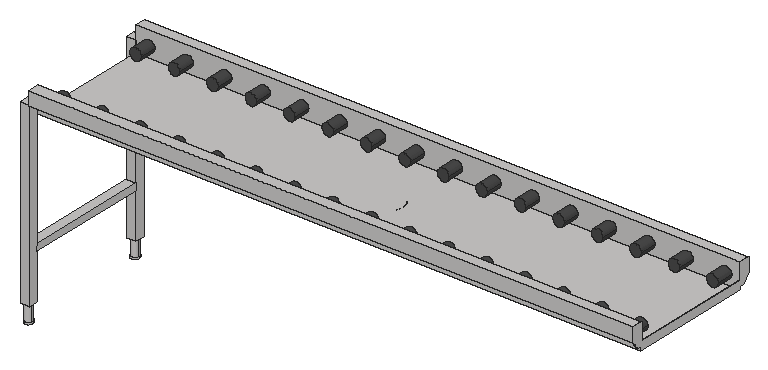
Revit family "QF_ELECTROLUXPROFESSIONAL_863012_HSSRC26", category Specialty Equipment, Revit 2018
Family settings
  Round Connector Dimension = Use Diameter
  Part Type = Normal
  Work Plane-Based = No
  Always vertical = Yes
  Cut with Voids When Loaded = No
  Shared = No
  Room Calculation Point = No
Parameters
  Weight = 0.00 kg
  Watts = 0 W
  Volts = 0 V
  URL Manufacturer = "http://professional.electrolux.com/"
  URL = "http://professional.electrolux.com/"
  Steam Supply Size = 0 mm
  Steam Supply Minimum Pressure = 0.0 Pa
  Steam Supply Maximum Pressure = 0.0 Pa
  Steam Pounds per Hour = 0
  Refrigeration Suction Line Size = 0 mm
  Refrigeration Liquid Line Size = 0 mm
  Refrigerant Compressor Remote = yes
  Manufacturer = "Electrolux"
  Phase = 0
  Model = "HSSRC26"
  Length Actual = 2600 mm  # constant formula
  Item Number = "863012"
  Hot Water Size = 0 mm
  Height Actual = 910 mm  # constant formula
  HP = "0 HP"
  Gas Size = 0 mm
  Gas KW = 0
  Gas Input Pressure = 0 W
  Description = "CONVEYOR, SHORT ROLLERS, L=2600 MM"
  Depth Actual = 620 mm  # constant formula
  Cycle = 0 Hz
  Condensate Return Size = 0 mm
  Compressed Air Volume = 0.0 L/s
  Compressed Air Size = 0 mm
  Compressed Air Pressure = 0.0 Pa
  Cold Water Size = 0 mm
  Accessory = yes
Reference planes
  plane 1 "Centro (Fronte/Retro)": y = 74.737
  plane 2: z = 0
  plane 3 "LEFT": x = -1038.761
  plane 4 "BACK": y = 384.737
  plane 5 "FRONT": y = -235.263
  plane 6: z = 910
  plane 7 "RIGHT": x = 1561.239
  plane 8: x = 291.239
Forms (mm)
  Extrusion 1, solid, material "QF_Finishes_Stainless Steel"
    sketch origin (0, 74.737, 0) x (1, 0, 0) y (0, 0, 1)
      loop
        line (-1079.929, 300) -> (-1079.929, 270) -> (-1039.929, 270) -> (-1039.929, 300) -> (-1079.929, 300)
    from -266.504 to 266.46
  Extrusion 2, solid, material "QF_Finishes_Stainless Steel"
    sketch origin (11.239, 0, 0) x (0, 1, 0) y (0, 0, 1)
      loop
        line (-235.263, 910) -> (-235.263, 850.033) -> (-190.242, 850.033) -> (-190.242, 910) -> (-235.263, 910)
      loop
        line (384.737, 910) -> (339.716, 910) -> (339.716, 850.033) -> (384.737, 850.033) -> (384.737, 910)
    from -1050 to 1548.8
  Extrusion 3, solid, material "QF_Finishes_Stainless Steel"
    sketch origin (11.239, 0, 0) x (0, 1, 0) y (0, 0, 1)
      loop
        line (-191.727, 850.033) -> (-191.727, 800.081) -> (341.245, 800.081) -> (341.245, 850.033) -> (339.716, 850.033) -> (339.716, 803.081) -> (-190.242, 803.081) -> (-190.242, 850.033) -> (-191.727, 850.033)
    from -1050 to 1548.8
  Extrusion 4, solid, material "QF_Finishes_Stainless Steel"
    sketch origin (3061.239, 723.253, 4000) x (0, 1, 0) y (0, 0, 1)
      loop
        line (-958.516, -3090) -> (-958.516, -3149.967) -> (-934.752, -3185.632) -> (-915.4, -3185.632) -> (-915.4, -3199.919) -> (-381.633, -3199.919) -> (-381.633, -3185.632) -> (-362.281, -3185.632) -> (-338.516, -3149.967) -> (-338.516, -3090) -> (-383.538, -3090) -> (-383.538, -3161.926) -> (-913.495, -3161.926) -> (-913.495, -3090) -> (-958.516, -3090)
    from -1500 to -1501.2
  Revolve 5, solid, material "QF_Finishes_Stainless Steel"
    sketch origin (260.981, 0, 0) x (0, 1, 0) y (0, 0, 1)
      loop
        line (74.737, 800.081) -> (12.53, 800.081) -> (12.319, 797.4) -> (12.319, 785.476) -> (17.293, 785.476) -> (17.293, 781.772)
        arc (17.293, 781.772) -> (20.266, 773.808) -> (27.77, 769.813) r 11.998
        line (27.77, 769.813) -> (74.737, 764.085) -> (74.737, 800.081)
      axis (74.737, 764.085) -> (74.737, 800.081)
    angle from 0 to 360
  Revolve 6, solid, material "QF_Finishes_Stainless Steel"
    sketch origin (290.981, -1524, 744.096) x (0, 0, 1) y (0, -1, 0)
      loop
        line (13.017, -1619.713) -> (30, -1619.713) -> (30, -1598.737) -> (0, -1598.737) -> (0, -1619.713) -> (2.434, -1622.253) -> (10.477, -1622.253) -> (13.017, -1619.713)
      axis (0, -1598.737) -> (30, -1598.737)
    angle from 0 to 360
  Extrusion 7, solid, material "QF_Finishes_Black"
    sketch origin (0, 74.737, 0) x (1, 0, 0) y (0, 0, 1)
      loop
        circle (-980.637, 850.115) r 25
      loop
        circle (-815.045, 850.115) r 25
      loop
        circle (-649.454, 850.115) r 25
      loop
        circle (-483.862, 850.115) r 25
      loop
        circle (-318.27, 850.115) r 25
      loop
        circle (509.689, 850.115) r 25
      loop
        circle (675.28, 850.115) r 25
      loop
        circle (1006.464, 850.115) r 25
      loop
        circle (840.872, 850.115) r 25
      loop
        circle (1503.239, 850.115) r 25
      loop
        circle (1172.056, 850.115) r 25
      loop
        circle (1337.647, 850.115) r 25
      loop
        circle (-152.678, 850.115) r 25
      loop
        circle (344.097, 850.115) r 25
      loop
        circle (12.913, 850.115) r 25
      loop
        circle (178.505, 850.115) r 25
    from 190.58 to 260.534
  Extrusion 8, solid, material "QF_Finishes_Black"
    sketch origin (0, 74.737, 0) x (1, 0, 0) y (0, 0, -1)
      loop
        circle (-980.637, -850.115) r 25
      loop
        circle (-815.045, -850.115) r 25
      loop
        circle (-649.454, -850.115) r 25
      loop
        circle (-483.862, -850.115) r 25
      loop
        circle (-318.27, -850.115) r 25
      loop
        circle (509.689, -850.115) r 25
      loop
        circle (675.28, -850.115) r 25
      loop
        circle (1006.464, -850.115) r 25
      loop
        circle (840.872, -850.115) r 25
      loop
        circle (1503.239, -850.115) r 25
      loop
        circle (1172.056, -850.115) r 25
      loop
        circle (1337.647, -850.115) r 25
      loop
        circle (-152.678, -850.115) r 25
      loop
        circle (344.097, -850.115) r 25
      loop
        circle (12.913, -850.115) r 25
      loop
        circle (178.505, -850.115) r 25
    from 190.58 to 260.534
Cuts and joins
  joined: Extrusion 2, Extrusion 3
Lines and regions (mm)
  Split face 1
    outline origin (2408.239, 339.716, 803.081) x (-1, 0, 0) y (0, -1, 0)
      loop
        circle (2147, 264.904) r 3.016
  Split face 2
    outline origin (2408.239, 339.716, 803.081) x (-1, 0, 0) y (0, -1, 0)
      loop
        circle (2147, 264.904) r 52.991
  Split face 3
    outline origin (2408.239, 339.716, 803.081) x (-1, 0, 0) y (0, -1, 0)
      loop
        circle (2147, 264.904) r 36.015
  Split face 4
    outline origin (2408.239, 339.716, 803.081) x (-1, 0, 0) y (0, -1, 0)
      loop
        circle (2147, 264.904) r 26.027
  Split face 5
    outline origin (2408.239, 339.716, 803.081) x (-1, 0, 0) y (0, -1, 0)
      loop
        circle (2147, 264.904) r 9.056
  Masking region 1
    outline origin (0, 0, 0) x (1, 0, 0) y (0, 1, 0)
      loop
        line (-1038.761, 384.737) -> (-1038.761, -235.263) -> (1561.239, -235.263) -> (1561.239, 384.737) -> (-1038.761, 384.737)
  symbolic lines
    curve 1: line (1561.239, 384.737, 0) -> (-1038.761, 384.737, 0)
    curve 2: line (-1038.761, 384.737, 0) -> (-1038.761, -235.263, 0)
    curve 3: line (-1038.761, 339.716, 0) -> (1561.239, 339.716, 0)
    curve 4: line (-1038.761, -235.263, 0) -> (1561.239, -235.263, 0)
    curve 5: line (1561.239, -235.263, 0) -> (1561.239, 384.737, 0)
    curve 6: line (1561.239, -190.242, 0) -> (-1038.761, -190.242, 0)
    curve 7: line (1561.239, 74.737, 0) -> (1531.239, 74.737, 0)
    curve 8: line (-1038.761, 74.737, 0) -> (-1008.761, 74.737, 0)
    curve 9: arc (261.315, 12.319, 0) -> (198.896, 74.737, 0) -> (261.315, 137.156, 0) r 62.418
    curve 10: arc (261.315, 137.156, 0) -> (323.733, 74.737, 0) -> (261.315, 12.319, 0) r 62.418
    curve 11: arc (291.315, 95.713, 0) -> (270.338, 74.737, 0) -> (291.315, 53.761, 0) r 20.976
    curve 12: arc (291.315, 53.761, 0) -> (312.291, 74.737, 0) -> (291.315, 95.713, 0) r 20.976
    curve 13: line (-955.637, -115.842, 0) -> (-1005.637, -115.842, 0)
    curve 14: line (-1005.637, -115.842, 0) -> (-1005.637, -185.797, 0)
    curve 15: line (-1005.637, -185.797, 0) -> (-955.637, -185.797, 0)
    curve 16: line (-955.637, -185.797, 0) -> (-955.637, -115.842, 0)
    curve 17: line (534.689, -115.842, 0) -> (484.689, -115.842, 0)
    curve 18: line (484.689, -115.842, 0) -> (484.689, -185.797, 0)
    curve 19: line (484.689, -185.797, 0) -> (534.689, -185.797, 0)
    curve 20: line (534.689, -185.797, 0) -> (534.689, -115.842, 0)
    curve 21: line (-840.045, -115.842, 0) -> (-790.045, -115.842, 0)
    curve 22: line (-790.045, -115.842, 0) -> (-790.045, -185.797, 0)
    curve 23: line (-790.045, -185.797, 0) -> (-840.045, -185.797, 0)
    curve 24: line (-840.045, -185.797, 0) -> (-840.045, -115.842, 0)
    curve 25: line (-624.454, -115.842, 0) -> (-674.454, -115.842, 0)
    curve 26: line (-674.454, -115.842, 0) -> (-674.454, -185.797, 0)
    curve 27: line (-674.454, -185.797, 0) -> (-624.454, -185.797, 0)
    curve 28: line (-624.454, -185.797, 0) -> (-624.454, -115.842, 0)
    curve 29: line (-458.862, -115.842, 0) -> (-508.862, -115.842, 0)
    curve 30: line (-508.862, -115.842, 0) -> (-508.862, -185.797, 0)
    curve 31: line (-508.862, -185.797, 0) -> (-458.862, -185.797, 0)
    curve 32: line (-458.862, -185.797, 0) -> (-458.862, -115.842, 0)
    curve 33: line (-293.27, -115.842, 0) -> (-343.27, -115.842, 0)
    curve 34: line (-343.27, -115.842, 0) -> (-343.27, -185.797, 0)
    curve 35: line (-343.27, -185.797, 0) -> (-293.27, -185.797, 0)
    curve 36: line (-293.27, -185.797, 0) -> (-293.27, -115.842, 0)
    curve 37: line (-127.678, -115.842, 0) -> (-177.678, -115.842, 0)
    curve 38: line (-177.678, -115.842, 0) -> (-177.678, -185.797, 0)
    curve 39: line (-177.678, -185.797, 0) -> (-127.678, -185.797, 0)
    curve 40: line (-127.678, -185.797, 0) -> (-127.678, -115.842, 0)
    curve 41: line (37.913, -115.842, 0) -> (-12.087, -115.842, 0)
    curve 42: line (-12.087, -115.842, 0) -> (-12.087, -185.797, 0)
    curve 43: line (-12.087, -185.797, 0) -> (37.913, -185.797, 0)
    curve 44: line (37.913, -185.797, 0) -> (37.913, -115.842, 0)
    curve 45: line (203.505, -115.842, 0) -> (153.505, -115.842, 0)
    curve 46: line (153.505, -115.842, 0) -> (153.505, -185.797, 0)
    curve 47: line (153.505, -185.797, 0) -> (203.505, -185.797, 0)
    curve 48: line (203.505, -185.797, 0) -> (203.505, -115.842, 0)
    curve 49: line (369.097, -115.842, 0) -> (319.097, -115.842, 0)
    curve 50: line (319.097, -115.842, 0) -> (319.097, -185.797, 0)
    curve 51: line (319.097, -185.797, 0) -> (369.097, -185.797, 0)
    curve 52: line (369.097, -185.797, 0) -> (369.097, -115.842, 0)
    curve 53: line (1528.239, -115.842, 0) -> (1478.239, -115.842, 0)
    curve 54: line (1478.239, -115.842, 0) -> (1478.239, -185.797, 0)
    curve 55: line (1478.239, -185.797, 0) -> (1528.239, -185.797, 0)
    curve 56: line (1528.239, -185.797, 0) -> (1528.239, -115.842, 0)
    curve 57: line (700.28, -115.842, 0) -> (650.28, -115.842, 0)
    curve 58: line (650.28, -115.842, 0) -> (650.28, -185.797, 0)
    curve 59: line (650.28, -185.797, 0) -> (700.28, -185.797, 0)
    curve 60: line (700.28, -185.797, 0) -> (700.28, -115.842, 0)
    curve 61: line (865.872, -115.842, 0) -> (815.872, -115.842, 0)
    curve 62: line (815.872, -115.842, 0) -> (815.872, -185.797, 0)
    curve 63: line (815.872, -185.797, 0) -> (865.872, -185.797, 0)
    curve 64: line (865.872, -185.797, 0) -> (865.872, -115.842, 0)
    curve 65: line (1031.464, -115.842, 0) -> (981.464, -115.842, 0)
    curve 66: line (981.464, -115.842, 0) -> (981.464, -185.797, 0)
    curve 67: line (981.464, -185.797, 0) -> (1031.464, -185.797, 0)
    curve 68: line (1031.464, -185.797, 0) -> (1031.464, -115.842, 0)
    curve 69: line (1197.056, -115.842, 0) -> (1147.056, -115.842, 0)
    curve 70: line (1147.056, -115.842, 0) -> (1147.056, -185.797, 0)
    curve 71: line (1147.056, -185.797, 0) -> (1197.056, -185.797, 0)
    curve 72: line (1197.056, -185.797, 0) -> (1197.056, -115.842, 0)
    curve 73: line (1362.647, -115.842, 0) -> (1312.647, -115.842, 0)
    curve 74: line (1312.647, -115.842, 0) -> (1312.647, -185.797, 0)
    curve 75: line (1312.647, -185.797, 0) -> (1362.647, -185.797, 0)
    curve 76: line (1362.647, -185.797, 0) -> (1362.647, -115.842, 0)
    curve 77: line (-955.637, 265.317, 0) -> (-1005.637, 265.317, 0)
    curve 78: line (-1005.637, 265.317, 0) -> (-1005.637, 335.271, 0)
    curve 79: line (-1005.637, 335.271, 0) -> (-955.637, 335.271, 0)
    curve 80: line (-955.637, 335.271, 0) -> (-955.637, 265.317, 0)
    curve 81: line (534.689, 265.317, 0) -> (484.689, 265.317, 0)
    curve 82: line (484.689, 265.317, 0) -> (484.689, 335.271, 0)
    curve 83: line (484.689, 335.271, 0) -> (534.689, 335.271, 0)
    curve 84: line (534.689, 335.271, 0) -> (534.689, 265.317, 0)
    curve 85: line (-840.045, 265.317, 0) -> (-790.045, 265.317, 0)
    curve 86: line (-790.045, 265.317, 0) -> (-790.045, 335.271, 0)
    curve 87: line (-790.045, 335.271, 0) -> (-840.045, 335.271, 0)
    curve 88: line (-840.045, 335.271, 0) -> (-840.045, 265.317, 0)
    curve 89: line (-624.454, 265.317, 0) -> (-674.454, 265.317, 0)
    curve 90: line (-674.454, 265.317, 0) -> (-674.454, 335.271, 0)
    curve 91: line (-674.454, 335.271, 0) -> (-624.454, 335.271, 0)
    curve 92: line (-624.454, 335.271, 0) -> (-624.454, 265.317, 0)
    curve 93: line (-458.862, 265.317, 0) -> (-508.862, 265.317, 0)
    curve 94: line (-508.862, 265.317, 0) -> (-508.862, 335.271, 0)
    curve 95: line (-508.862, 335.271, 0) -> (-458.862, 335.271, 0)
    curve 96: line (-458.862, 335.271, 0) -> (-458.862, 265.317, 0)
    curve 97: line (-293.27, 265.317, 0) -> (-343.27, 265.317, 0)
    curve 98: line (-343.27, 265.317, 0) -> (-343.27, 335.271, 0)
    curve 99: line (-343.27, 335.271, 0) -> (-293.27, 335.271, 0)
    curve 100: line (-293.27, 335.271, 0) -> (-293.27, 265.317, 0)
    curve 101: line (-127.678, 265.317, 0) -> (-177.678, 265.317, 0)
    curve 102: line (-177.678, 265.317, 0) -> (-177.678, 335.271, 0)
    curve 103: line (-177.678, 335.271, 0) -> (-127.678, 335.271, 0)
    curve 104: line (-127.678, 335.271, 0) -> (-127.678, 265.317, 0)
    curve 105: line (37.913, 265.317, 0) -> (-12.087, 265.317, 0)
    curve 106: line (-12.087, 265.317, 0) -> (-12.087, 335.271, 0)
    curve 107: line (-12.087, 335.271, 0) -> (37.913, 335.271, 0)
    curve 108: line (37.913, 335.271, 0) -> (37.913, 265.317, 0)
    curve 109: line (203.505, 265.317, 0) -> (153.505, 265.317, 0)
    curve 110: line (153.505, 265.317, 0) -> (153.505, 335.271, 0)
    curve 111: line (153.505, 335.271, 0) -> (203.505, 335.271, 0)
    curve 112: line (203.505, 335.271, 0) -> (203.505, 265.317, 0)
    curve 113: line (369.097, 265.317, 0) -> (319.097, 265.317, 0)
    curve 114: line (319.097, 265.317, 0) -> (319.097, 335.271, 0)
    curve 115: line (319.097, 335.271, 0) -> (369.097, 335.271, 0)
    curve 116: line (369.097, 335.271, 0) -> (369.097, 265.317, 0)
    curve 117: line (1528.239, 265.317, 0) -> (1478.239, 265.317, 0)
    curve 118: line (1478.239, 265.317, 0) -> (1478.239, 335.271, 0)
    curve 119: line (1478.239, 335.271, 0) -> (1528.239, 335.271, 0)
    curve 120: line (1528.239, 335.271, 0) -> (1528.239, 265.317, 0)
    curve 121: line (700.28, 265.317, 0) -> (650.28, 265.317, 0)
    curve 122: line (650.28, 265.317, 0) -> (650.28, 335.271, 0)
    curve 123: line (650.28, 335.271, 0) -> (700.28, 335.271, 0)
    curve 124: line (700.28, 335.271, 0) -> (700.28, 265.317, 0)
    curve 125: line (865.872, 265.317, 0) -> (815.872, 265.317, 0)
    curve 126: line (815.872, 265.317, 0) -> (815.872, 335.271, 0)
    curve 127: line (815.872, 335.271, 0) -> (865.872, 335.271, 0)
    curve 128: line (865.872, 335.271, 0) -> (865.872, 265.317, 0)
    curve 129: line (1031.464, 265.317, 0) -> (981.464, 265.317, 0)
    curve 130: line (981.464, 265.317, 0) -> (981.464, 335.271, 0)
    curve 131: line (981.464, 335.271, 0) -> (1031.464, 335.271, 0)
    curve 132: line (1031.464, 335.271, 0) -> (1031.464, 265.317, 0)
    curve 133: line (1197.056, 265.317, 0) -> (1147.056, 265.317, 0)
    curve 134: line (1147.056, 265.317, 0) -> (1147.056, 335.271, 0)
    curve 135: line (1147.056, 335.271, 0) -> (1197.056, 335.271, 0)
    curve 136: line (1197.056, 335.271, 0) -> (1197.056, 265.317, 0)
    curve 137: line (1362.647, 265.317, 0) -> (1312.647, 265.317, 0)
    curve 138: line (1312.647, 265.317, 0) -> (1312.647, 335.271, 0)
    curve 139: line (1312.647, 335.271, 0) -> (1362.647, 335.271, 0)
    curve 140: line (1362.647, 335.271, 0) -> (1362.647, 265.317, 0)
Dimensions and locks
  plane 3 "LEFT" to plane 7 "RIGHT" = 2600 mm
  equal spacing: plane 4 "BACK", plane 1 "Centro (Fronte/Retro)", plane 5 "FRONT"
  plane 4 "BACK" to plane 5 "FRONT" = 620 mm
  locked: Extrusion 7 sketch curve to plane 3 "LEFT" at 58.124
  locked: plane 7 "RIGHT" to Extrusion 7 sketch curve at 58
  aligned and locked: level to plane 2
  aligned and locked: Extrusion 2 to Extrusion 3
Automatic sketch dimensions
  curve 9 to curve 10 = 0 mm  (x2)
  curve 11 to curve 12 = 0 mm  (x2)
  curve 6 to plane 3 "LEFT" = 0 mm
  plane 1 "Centro (Fronte/Retro)" to curve 8 = 0 mm
  plane 1 "Centro (Fronte/Retro)" to curve 10 = 0 mm
  plane 1 "Centro (Fronte/Retro)" to curve 12 = 0 mm
  plane 1 "Centro (Fronte/Retro)" to curve 7 = 0 mm
  curve 6 to plane 7 "RIGHT" = 0 mm
  plane 5 "FRONT" to curve 4 = 0 mm
  curve 2 to plane 4 "BACK" = 0 mm
  plane 3 "LEFT" to curve 15 = 33.124 mm
  plane 3 "LEFT" to curve 78 = 33.124 mm
  curve 78 to curve 79 = 50 mm
  curve 14 to curve 16 = 50 mm
  curve 13 to curve 21 = 115.592 mm
  curve 87 to plane 4 "BACK" = 49.466 mm
  curve 79 to curve 87 = 115.592 mm
  curve 87 to curve 87 = 50 mm
  curve 21 to curve 22 = 50 mm
  curve 21 to curve 25 = 115.592 mm
  curve 90 to plane 4 "BACK" = 49.466 mm
  curve 86 to curve 90 = 115.592 mm
  curve 90 to curve 92 = 50 mm
  curve 25 to curve 28 = 50 mm
  curve 95 to plane 4 "BACK" = 49.466 mm
  curve 91 to curve 95 = 115.592 mm
  plane 5 "FRONT" to curve 31 = 49.466 mm
  curve 27 to curve 31 = 115.592 mm
  curve 30 to curve 31 = 50 mm
  curve 94 to curve 95 = 50 mm
  plane 5 "FRONT" to curve 35 = 49.466 mm
  curve 31 to curve 35 = 115.592 mm
  curve 99 to plane 4 "BACK" = 49.466 mm
  curve 95 to curve 99 = 115.592 mm
  curve 33 to curve 36 = 50 mm
  curve 97 to curve 100 = 50 mm
  curve 103 to plane 4 "BACK" = 49.466 mm
  curve 99 to curve 103 = 115.592 mm
  plane 5 "FRONT" to curve 39 = 49.466 mm
  curve 35 to curve 39 = 115.592 mm
  curve 102 to curve 104 = 50 mm
  curve 37 to curve 40 = 50 mm
  curve 101 to curve 105 = 115.592 mm
  plane 5 "FRONT" to curve 42 = 49.466 mm
  curve 39 to curve 42 = 115.592 mm
  curve 105 to curve 105 = 50 mm
  curve 41 to curve 41 = 50 mm
  curve 111 to plane 4 "BACK" = 49.466 mm
  curve 107 to curve 111 = 115.592 mm
  curve 41 to curve 45 = 115.592 mm
  curve 45 to curve 48 = 50 mm
  curve 110 to curve 111 = 50 mm
  curve 10 to plane 8 = 29.924 mm
  plane 8 to curve 12 = 0.076 mm
  plane 8 to curve 49 = 27.858 mm
  plane 8 to curve 114 = 27.858 mm
  curve 114 to curve 115 = 50 mm
  curve 49 to curve 49 = 50 mm
  plane 5 "FRONT" to curve 19 = 49.466 mm
  curve 51 to curve 19 = 115.592 mm
  curve 113 to curve 81 = 115.592 mm
  curve 81 to curve 84 = 50 mm
  curve 17 to curve 17 = 50 mm
  curve 17 to curve 57 = 115.592 mm
  curve 122 to plane 4 "BACK" = 49.466 mm
  curve 83 to curve 122 = 115.592 mm
  curve 57 to curve 57 = 50 mm
  curve 121 to curve 121 = 50 mm
  curve 127 to plane 4 "BACK" = 49.466 mm
  curve 123 to curve 127 = 115.592 mm
  curve 57 to curve 61 = 115.592 mm
  curve 61 to curve 64 = 50 mm
  curve 125 to curve 128 = 50 mm
  curve 131 to plane 4 "BACK" = 49.466 mm
  curve 127 to curve 131 = 115.592 mm
  curve 61 to curve 65 = 115.592 mm
  curve 129 to curve 129 = 50 mm
  curve 66 to curve 67 = 50 mm
  curve 65 to curve 69 = 115.592 mm
  curve 129 to curve 133 = 115.592 mm
  curve 69 to curve 69 = 50 mm
  curve 134 to curve 135 = 50 mm
  plane 5 "FRONT" to curve 74 = 49.466 mm
  curve 71 to curve 74 = 115.592 mm
  curve 133 to curve 137 = 115.592 mm
  curve 74 to curve 75 = 50 mm
  curve 137 to curve 140 = 50 mm
  curve 54 to plane 7 "RIGHT" = 83 mm
  curve 119 to plane 7 "RIGHT" = 83 mm
  curve 56 to plane 7 "RIGHT" = 33 mm
  curve 119 to plane 7 "RIGHT" = 33 mm
  plane 5 "FRONT" to curve 63 = 49.466 mm
  plane 5 "FRONT" to curve 60 = 49.466 mm
  plane 5 "FRONT" to curve 72 = 49.466 mm
  plane 5 "FRONT" to curve 68 = 49.466 mm
  plane 5 "FRONT" to curve 56 = 49.466 mm
  plane 5 "FRONT" to curve 52 = 49.466 mm
  plane 5 "FRONT" to curve 14 = 49.466 mm
  plane 5 "FRONT" to curve 48 = 49.466 mm
  plane 5 "FRONT" to curve 22 = 49.466 mm
  plane 5 "FRONT" to curve 26 = 49.466 mm
  curve 34 to curve 34 = 69.954 mm
  curve 31 to curve 32 = 69.954 mm
  curve 39 to curve 37 = 69.954 mm
  curve 27 to curve 28 = 69.954 mm
  curve 43 to curve 41 = 69.954 mm
  curve 23 to curve 24 = 69.954 mm
  curve 47 to curve 45 = 69.954 mm
  curve 19 to curve 20 = 69.954 mm
  curve 51 to curve 49 = 69.954 mm
  curve 15 to curve 16 = 69.954 mm
  curve 55 to curve 53 = 69.954 mm
  curve 66 to curve 65 = 69.954 mm
  curve 59 to curve 57 = 69.954 mm
  curve 71 to curve 69 = 69.954 mm
  curve 63 to curve 61 = 69.954 mm
  curve 75 to curve 73 = 69.954 mm
  curve 140 to plane 4 "BACK" = 119.42 mm
  curve 136 to curve 137 = 0 mm
  curve 77 to plane 4 "BACK" = 119.42 mm
  curve 132 to curve 131 = 69.954 mm
  curve 81 to plane 4 "BACK" = 119.42 mm
  curve 128 to curve 127 = 69.954 mm
  curve 85 to curve 87 = 69.954 mm
  curve 124 to curve 123 = 69.954 mm
  curve 89 to curve 91 = 69.954 mm
  curve 120 to plane 4 "BACK" = 119.42 mm
  curve 93 to curve 95 = 69.954 mm
  curve 116 to curve 81 = 0 mm
  curve 97 to curve 99 = 69.954 mm
  curve 112 to curve 111 = 69.954 mm
  curve 101 to curve 103 = 69.954 mm
  curve 108 to curve 109 = 0 mm
  curve 106 to plane 4 "BACK" = 49.466 mm
  curve 114 to plane 4 "BACK" = 49.466 mm
  curve 118 to plane 4 "BACK" = 49.466 mm
  curve 84 to plane 4 "BACK" = 49.466 mm
  curve 80 to plane 4 "BACK" = 49.466 mm
  curve 140 to plane 4 "BACK" = 49.466 mm
  curve 134 to plane 4 "BACK" = 49.466 mm
  curve 8 to curve 8 = 30 mm
  curve 7 to plane 7 "RIGHT" = 30 mm
  curve 6 to curve 55 = 4.445 mm
  curve 9 to curve 9 = 62.418 mm
  curve 11 to curve 11 = 20.976 mm
  curve 78 to curve 3 = 4.445 mm
  Extrusion 1 sketch curve to plane 3 "LEFT" = 41.168 mm
  Extrusion 1 sketch curve to plane 3 "LEFT" = 1.168 mm
  level to Extrusion 1 sketch curve = 270 mm
  Extrusion 1 sketch curve to Extrusion 1 sketch curve = 30 mm
  Extrusion 2 sketch curve to plane 5 "FRONT" = 0 mm
  Extrusion 2 sketch curve to plane 6 = 0 mm  (x2)
  Extrusion 2 sketch curve to plane 4 "BACK" = 0 mm
  plane 5 "FRONT" to Extrusion 2 sketch curve = 45.021 mm
  Extrusion 2 sketch curve to plane 4 "BACK" = 45.021 mm
  Extrusion 2 sketch curve to Extrusion 2 sketch curve = 59.967 mm  (x2)
  plane 5 "FRONT" to Extrusion 3 sketch curve = 43.536 mm
  Extrusion 3 sketch curve to Extrusion 3 sketch curve = 1.486 mm
  Extrusion 3 sketch curve to plane 4 "BACK" = 45.021 mm
  Extrusion 3 sketch curve to Extrusion 3 sketch curve = 1.529 mm
  Extrusion 3 sketch curve to plane 6 = 109.919 mm
  Extrusion 3 sketch curve to Extrusion 3 sketch curve = 3 mm
  Extrusion 3 sketch curve to Extrusion 3 sketch curve = 46.952 mm  (x2)
  cut or joined group of Extrusion 2, Extrusion 3 to Split face 1 sketch curve = 264.904 mm
  Split face 1 sketch curve to cut or joined group of Extrusion 2, Extrusion 3 = 1298.8 mm
  cut or joined group of Extrusion 2, Extrusion 3 to Split face 2 sketch curve = 264.904 mm
  Split face 2 sketch curve to cut or joined group of Extrusion 2, Extrusion 3 = 1298.8 mm
  cut or joined group of Extrusion 2, Extrusion 3 to Split face 3 sketch curve = 264.904 mm
  Split face 3 sketch curve to cut or joined group of Extrusion 2, Extrusion 3 = 1298.8 mm
  cut or joined group of Extrusion 2, Extrusion 3 to Split face 4 sketch curve = 264.904 mm
  Split face 4 sketch curve to cut or joined group of Extrusion 2, Extrusion 3 = 1298.8 mm
  cut or joined group of Extrusion 2, Extrusion 3 to Split face 5 sketch curve = 264.904 mm
  Split face 5 sketch curve to cut or joined group of Extrusion 2, Extrusion 3 = 1298.8 mm
  Masking region 1 sketch curve to plane 3 "LEFT" = 0 mm
  plane 5 "FRONT" to Masking region 1 sketch curve = 0 mm
  Masking region 1 sketch curve to plane 7 "RIGHT" = 0 mm
  Masking region 1 sketch curve to plane 4 "BACK" = 0 mm
  Extrusion 4 sketch curve to plane 5 "FRONT" = 0 mm
  Extrusion 4 sketch curve to plane 6 = 0 mm  (x2)
  Extrusion 4 sketch curve to plane 4 "BACK" = 0 mm
  plane 5 "FRONT" to Extrusion 4 sketch curve = 23.764 mm
  Extrusion 4 sketch curve to Extrusion 4 sketch curve = 19.352 mm  (x2)
  plane 5 "FRONT" to Extrusion 4 sketch curve = 45.021 mm
  Extrusion 4 sketch curve to plane 4 "BACK" = 45.021 mm
  Extrusion 4 sketch curve to Extrusion 4 sketch curve = 1.905 mm
  Extrusion 4 sketch curve to Extrusion 4 sketch curve = 59.967 mm  (x2)
  Extrusion 4 sketch curve to Extrusion 4 sketch curve = 11.959 mm
  Extrusion 4 sketch curve to Extrusion 4 sketch curve = 23.706 mm  (x2)
  Extrusion 4 sketch curve to Extrusion 4 sketch curve = 14.287 mm
  Revolve 5 sketch curve to plane 1 "Centro (Fronte/Retro)" = 0 mm  (x2)
  plane 1 "Centro (Fronte/Retro)" to Revolve 5 sketch curve = 45.447 mm
  Revolve 5 sketch curve to Revolve 5 sketch curve = 1.52 mm
  Revolve 5 sketch curve to Revolve 5 sketch curve = 11.998 mm
  Revolve 5 sketch curve to Revolve 5 sketch curve = 4.762 mm
  Revolve 5 sketch curve to Revolve 5 sketch curve = 4.974 mm
  Revolve 5 sketch curve to plane 6 = 145.915 mm
  Revolve 5 sketch curve to Revolve 5 sketch curve = 5.727 mm
  Revolve 5 sketch curve to Revolve 5 sketch curve = 11.901 mm
  Revolve 5 sketch curve to Revolve 5 sketch curve = 3.704 mm
  Revolve 5 sketch curve to Revolve 5 sketch curve = 11.924 mm
  Revolve 5 sketch curve to Revolve 5 sketch curve = 2.681 mm
  Revolve 5 sketch curve to Revolve 5 sketch curve = 3 mm
  Revolve 5 sketch curve to Revolve 5 sketch curve = 14.991 mm
  Revolve 6 sketch curve to plane 1 "Centro (Fronte/Retro)" = 0 mm  (x2)
  Revolve 6 sketch curve to plane 1 "Centro (Fronte/Retro)" = 20.976 mm
  Revolve 6 sketch curve to plane 6 = 165.904 mm
  Revolve 6 sketch curve to plane 1 "Centro (Fronte/Retro)" = 23.516 mm
  Revolve 6 sketch curve to Revolve 6 sketch curve = 2.434 mm
  Revolve 6 sketch curve to Revolve 6 sketch curve = 8.043 mm
  Revolve 6 sketch curve to Revolve 6 sketch curve = 2.54 mm  (x2)
  Revolve 6 sketch curve to Revolve 6 sketch curve = 16.983 mm
  Revolve 6 sketch curve to Revolve 6 sketch curve = 3.127 mm
  Revolve 6 sketch curve to Revolve 6 sketch curve = 7.343 mm
  Extrusion 7 sketch curve to plane 6 = 59.885 mm  (x16)
  Extrusion 7 sketch curve to Extrusion 7 sketch curve = 165.592 mm  (x12)
  Extrusion 7 sketch curve to plane 8 = 112.734 mm
  plane 8 to Extrusion 7 sketch curve = 52.858 mm
  plane 3 "LEFT" to Extrusion 8 sketch curve = 58.124 mm
  Extrusion 8 sketch curve to plane 6 = 59.885 mm  (x16)
  Extrusion 8 sketch curve to Extrusion 8 sketch curve = 165.592 mm  (x12)
  Extrusion 8 sketch curve to plane 8 = 112.734 mm
  plane 8 to Extrusion 8 sketch curve = 52.858 mm
  Extrusion 8 sketch curve to plane 7 "RIGHT" = 58 mm
  radius of Split face 1 sketch curve = 3.016 mm
  radius of Split face 2 sketch curve = 52.991 mm
  radius of Split face 3 sketch curve = 36.015 mm
  radius of Split face 4 sketch curve = 26.027 mm
  radius of Split face 5 sketch curve = 9.056 mm
  radius of Extrusion 7 sketch curve = 25 mm  (x16)
  radius of Extrusion 8 sketch curve = 25 mm  (x16)
Nested families
  nested 1: "Foot_40x40" at (-1059.929, -211.771, 0), type "Foot_40x40"
    with A 850.033 mm
  nested 2: "Foot_40x40" at (-1059.929, 361.245, 0), type "Foot_40x40"
    with A 850.033 mm
Connectors
  piping at (290.981, 74.737, 744.096), diameter 30
    settings: on Revolve 6, index 5, connector inside diameter 609.6 mm, connector length 0 mm, flow factor 0, pipe flow 0.0 L/s, pressure drop 0.0 Pa, fitting loss kfactor 0, connector angle 0.00°, fixture units 0, engagement length 0 mm, angle of deflection 0.00°, flow configuration 1, flow direction 2, fitting loss method 0, system type 16, joint type 0, gender type 0, connector reference index -1, connector utility 0, adjustable connector no, is connector primary yes, connector description ""
Definition of nested family "Foot_40x40"
  Parameters
    A [instance] = 850 mm
  Reference planes
    plane 1 "Centro (Fronte/Retro)": y = 0
    plane 2: z = 0
    plane 3 "Centro (Sinistra/Destra)": x = 0
    plane 4: z = 850
  Forms (mm)
    Extrusion 1, solid
      sketch origin (0, 0, 0) x (1, 0, 0) y (0, 1, 0)
        loop
          circle (0, 0) r 18
      from 0 to 5
    Extrusion 2, solid
      sketch origin (0, 0, 5) x (1, 0, 0) y (0, 1, 0)
        loop
          circle (0, 0) r 15
      from 0 to 70
    Extrusion 3, solid
      sketch origin (0, 0, 75) x (1, 0, 0) y (0, 1, 0)
        loop
          line (-20, 20) -> (-20, -20) -> (20, -20) -> (20, 20) -> (-20, 20)
      from 0 to 775
  Dimensions and locks
    "A": plane 4 to plane 2
    aligned and locked: level to plane 2
    aligned and locked: plane 4 to Extrusion 3
    aligned and locked: Extrusion 1 to level
  Automatic sketch dimensions
    plane 1 "Centro (Fronte/Retro)" to Extrusion 1 sketch curve = 0 mm
    Extrusion 1 sketch curve to plane 3 "Centro (Sinistra/Destra)" = 0 mm
    Extrusion 3 sketch curve to Extrusion 3 sketch curve = 40 mm  (x2)
    radius of Extrusion 1 sketch curve = 18 mm
    radius of Extrusion 2 sketch curve to Extrusion 1 = 3 mm
